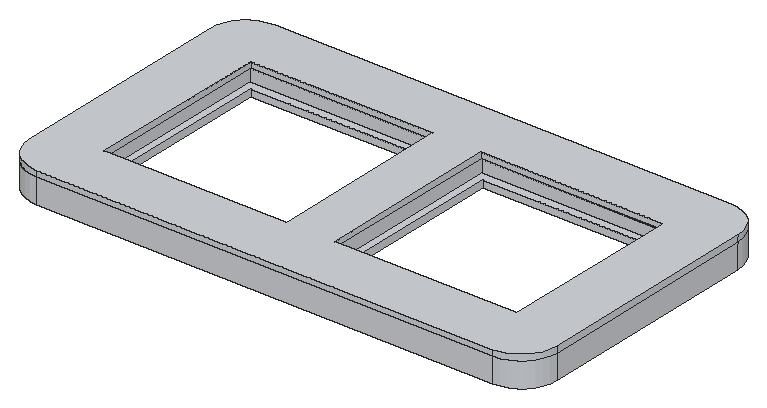
Revit family "Gira_0212410", category Electrical Fixtures, host Face, Revit 2017
Family settings
  Host = Face
  Maintain Annotation Orientation = No
  Round Connector Dimension = Use Diameter
  Part Type = Normal
  Cut with Voids When Loaded = No
  Shared = No
  Room Calculation Point = No
Parameters (values of type "Cov.fr. 2-g Gira E3 p.white/p.white")
  URL = "http://katalog.gira.de/en/datenblatt.html?artikelnr=0212410"
  Transparent = "No"
  Name = "Cov.fr. 2-g Gira E3 p.white/p.white"
  Manufacturer URL = "https://www.gira.de/"
  Manufacturer = "Gira"
  Keynote = ""
  HeinzeBIM = "https://bimportal.heinze.de/bim/cov-fr-2-g-gira-e3-p-white-p-white/e570ff758104d09eda612fcf4a6781a1d5a3953d"
  HAN = "0212410"
  GTIN = "4010337023722"
  Description = "Cov.fr.2g E3 PwPw,Gira E3 cover frame,pure white glossy with pure white glossy intermediate frame,2-gang,Features:,- Shatter-proof."
  Default Elevation = 1219.2 mm
  Data sheet (1) = "https://katalog.gira.de/en/download.html?artikelnr=0212410"
  Category = "Cover frame for domestic switching devices"
  BIM (1) = "https://media.stage.bim.site/public/gira/36a6b08/E3_Rahmen_2fach.rfa"
  Available = "No"
Reference planes
  plane 1 "Center (Front/Back)": y = 0
  plane 2: z = 0
  plane 3 "Center (Left/Right)": x = 0
Forms (mm)
  Extrusion 1, solid, detail levels fine
    sketch origin (0, 0, 0) x (1, 0, 0) y (0, 1, 0)
      loop
        arc (-70.35, 45.809) -> (-78.134, 42.585) -> (-81.359, 34.8) r 11.009
        line (-81.359, 34.8) -> (-81.359, -34.8)
        arc (-81.359, -34.8) -> (-78.134, -42.585) -> (-70.35, -45.809) r 11.009
        line (-70.35, -45.809) -> (70.35, -45.809)
        arc (70.35, -45.809) -> (78.135, -42.585) -> (81.359, -34.8) r 11.009
        line (81.359, -34.8) -> (81.359, 34.8)
        arc (81.359, 34.8) -> (78.135, 42.585) -> (70.35, 45.809) r 11.009
        line (70.35, 45.809) -> (-70.35, 45.809)
      loop
        line (-7.45, 28.187) -> (-63.706, 28.187) -> (-63.706, -28.187) -> (-7.45, -28.187) -> (-7.45, 28.187)
      loop
        line (7.45, 28.187) -> (7.45, -28.187) -> (63.706, -28.187) -> (63.706, 28.187) -> (7.45, 28.187)
    from 7.65 to 9.5
  Extrusion 2, solid, detail levels fine
    sketch origin (-35.75, 0, 0) x (1, 0, 0) y (0, 1, 0)
      loop
        line (25.7, 25.7) -> (-25.7, 25.7) -> (-25.7, -25.7) -> (25.7, -25.7) -> (25.7, 25.7)
      loop
        line (-28.187, -28.156) -> (28.187, -28.156) -> (28.187, 28.156) -> (-28.187, 28.156) -> (-28.187, -28.156)
    from 1.65 to 3.9
  Extrusion 3, solid, detail levels fine
    sketch origin (0, 0, 0) x (1, 0, 0) y (0, 1, 0)
      loop
        arc (-70.35, 45.809) -> (-78.134, 42.585) -> (-81.359, 34.8) r 11.009
        line (-81.359, 34.8) -> (-81.359, -34.8)
        arc (-81.359, -34.8) -> (-78.134, -42.585) -> (-70.35, -45.809) r 11.009
        line (-70.35, -45.809) -> (70.35, -45.809)
        arc (70.35, -45.809) -> (78.135, -42.585) -> (81.359, -34.8) r 11.009
        line (81.359, -34.8) -> (81.359, 34.8)
        arc (81.359, 34.8) -> (78.135, 42.585) -> (70.35, 45.809) r 11.009
        line (70.35, 45.809) -> (-70.35, 45.809)
      loop
        line (-79.393, 34.785) -> (-79.393, -34.785)
        arc (-79.393, -34.785) -> (-76.739, -41.19) -> (-70.334, -43.843) r 9.058
        line (-70.334, -43.843) -> (70.335, -43.843)
        arc (70.335, -43.843) -> (76.74, -41.19) -> (79.393, -34.785) r 9.058
        line (79.393, -34.785) -> (79.393, 34.785)
        arc (79.393, 34.785) -> (76.74, 41.19) -> (70.335, 43.843) r 9.058
        line (70.335, 43.843) -> (-70.334, 43.843)
        arc (-70.334, 43.843) -> (-76.739, 41.19) -> (-79.393, 34.785) r 9.058
    from 0 to 7.65
  Extrusion 4, solid, detail levels fine
    sketch origin (0, 0, 0) x (1, 0, 0) y (0, 1, 0)
      loop
        line (-62.956, -31.075) -> (62.956, -31.075)
        arc (62.956, -31.075) -> (65.599, -29.98) -> (66.694, -27.337) r 3.739
        line (66.694, -27.337) -> (66.694, 27.337)
        arc (66.694, 27.337) -> (65.599, 29.98) -> (62.956, 31.075) r 3.739
        line (62.956, 31.075) -> (-62.956, 31.075)
        arc (-62.956, 31.075) -> (-65.599, 29.98) -> (-66.694, 27.337) r 3.739
        line (-66.694, 27.337) -> (-66.694, -27.337)
        arc (-66.694, -27.337) -> (-65.599, -29.98) -> (-62.956, -31.075) r 3.739
      loop
        line (-65.544, 27.537) -> (-65.544, -27.537)
        arc (-65.544, -27.537) -> (-64.845, -29.226) -> (-63.156, -29.925) r 2.389
        line (-63.156, -29.925) -> (63.156, -29.925)
        arc (63.156, -29.925) -> (64.845, -29.226) -> (65.544, -27.537) r 2.389
        line (65.544, -27.537) -> (65.544, 27.537)
        arc (65.544, 27.537) -> (64.845, 29.226) -> (63.156, 29.925) r 2.389
        line (63.156, 29.925) -> (-63.156, 29.925)
        arc (-63.156, 29.925) -> (-64.845, 29.226) -> (-65.544, 27.537) r 2.389
    from 1.65 to 7.65
  Extrusion 5, solid, detail levels fine
    sketch origin (0, 0, 0) x (1, 0, 0) y (0, 1, 0)
      loop
        line (-67.617, -39.8) -> (67.617, -39.8)
        arc (67.617, -39.8) -> (73.232, -36.708) -> (75.464, -30.7) r 9.2
        line (75.464, -30.7) -> (75.464, 30.7)
        arc (75.464, 30.7) -> (72.77, 37.205) -> (66.264, 39.9) r 9.2
        line (66.264, 39.9) -> (-66.264, 39.9)
        arc (-66.264, 39.9) -> (-72.77, 37.205) -> (-75.464, 30.7) r 9.2
        line (-75.464, 30.7) -> (-75.464, -30.7)
        arc (-75.464, -30.7) -> (-73.232, -36.708) -> (-67.617, -39.8) r 9.2
      loop
        line (-66.264, -31.7) -> (66.264, -31.7)
        arc (66.264, -31.7) -> (66.972, -31.407) -> (67.264, -30.7) r 1
        line (67.264, -30.7) -> (67.264, 30.7)
        arc (67.264, 30.7) -> (66.972, 31.407) -> (66.264, 31.7) r 1
        line (66.264, 31.7) -> (-66.264, 31.7)
        arc (-66.264, 31.7) -> (-66.972, 31.407) -> (-67.264, 30.7) r 1
        line (-67.264, 30.7) -> (-67.264, -30.7)
        arc (-67.264, -30.7) -> (-66.972, -31.407) -> (-66.264, -31.7) r 1
    from 1.65 to 3.9
  Extrusion 6, solid, detail levels fine
    sketch origin (-35.75, 0, 0) x (1, 0, 0) y (0, 1, 0)
      loop
        line (-28.187, 28.156) -> (-28.187, -28.156) -> (28.187, -28.156) -> (28.187, 28.156) -> (-28.187, 28.156)
      loop
        line (-29.925, 29.925) -> (-29.925, -29.925) -> (29.925, -29.925) -> (29.925, 29.925) -> (-29.925, 29.925)
    from 1.65 to 7.65
  Extrusion 7, solid, detail levels coarse+medium
    sketch origin (0, 0, 0) x (1, 0, 0) y (0, 1, 0)
      loop
        line (-81.359, 45.809) -> (-81.359, -45.809) -> (81.359, -45.809) -> (81.359, 45.809) -> (-81.359, 45.809)
    from 0 to 9.5
  Extrusion 8, solid, detail levels fine
    sketch origin (35.75, 0, 0) x (-1, 0, 0) y (0, -1, 0)
      loop
        line (25.7, -25.7) -> (25.7, 25.7) -> (-25.7, 25.7) -> (-25.7, -25.7) -> (25.7, -25.7)
      loop
        line (-28.187, 28.156) -> (-28.187, -28.156) -> (28.187, -28.156) -> (28.187, 28.156) -> (-28.187, 28.156)
    from 1.65 to 3.9
  Extrusion 9, solid, detail levels fine
    sketch origin (35.75, 0, 0) x (-1, 0, 0) y (0, -1, 0)
      loop
        line (-28.187, -28.156) -> (28.187, -28.156) -> (28.187, 28.156) -> (-28.187, 28.156) -> (-28.187, -28.156)
      loop
        line (-29.925, -29.925) -> (29.925, -29.925) -> (29.925, 29.925) -> (-29.925, 29.925) -> (-29.925, -29.925)
    from 1.65 to 7.65
Dimensions and locks
  aligned and locked: plane 2 to host face
  aligned and locked: level to host face
